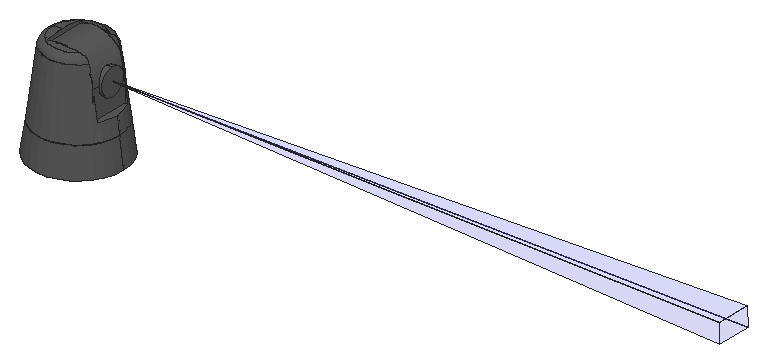
Revit family "Camera-Security-Canon-PTZ_Camera", category Security Devices, host Face, Revit 2012
Parameters (values of type "1.3 MP - PTZ")
  zz YesNo 9 [instance] = 0 = 1  # no
  zz YesNo 8 [instance] = 0 = 1  # no
  zz YesNo 7 [instance] = not(or(zz Integer 4 = 0, and(or(zz Integer 3 = 4, zz Integer 3 = 5), zz Integer 4 = 1)))  # no
  zz YesNo 6 [instance] = and(not(zz YesNo 15), or(zz Integer 1 = 10, zz Integer 1 = 7))  # no
  zz YesNo 5 [instance] = not(zz YesNo 15)  # yes
  zz YesNo 4 [instance] = if(Has Wall Mount, 1, 0) + if(zz YesNo 1, 1, 0) + if(zz YesNo 8, 1, 0) + if(zz YesNo 29, 1, 0) + if(zz YesNo 9, 1, 0) + if(Has Pole Mount Steel, 1, 0) + if(Has Pole Mount Stainless Steel, 1, 0) + if(Has Ceiling Pendant Mount, 1, 0) + if(zz YesNo 19, 1, 0) + if(Has Wall Corner Mount, 1, 0) + if(Has Ceiling Mount, 1, 0) + if(Has Ceiling Mount Bracket, 1, 0) + if(Has Wall Mount Bracket, 1, 0) + if(Has Wall Mount Bracket with Corner Mount, 1, 0) + if(Has Wall Mount Bracket with Pole Mount Steel, 1, 0) + if(Has Wall Mount Bracket with Pole Mount Stainless Steel, 1, 0) > 1  # no
  zz YesNo 30 [instance] = 1 = 1  # yes
  zz YesNo 3 [instance] = and(not(zz YesNo 15), zz Integer 1 = 8)  # no
  zz YesNo 29 [instance] = 0 = 1  # no
  zz YesNo 28 [instance] = if(Has Surface Tough Dome Lite, 1, 0) + if(Has Surface Tough Dome, 1, 0) + if(Has 5 Inch Recessed Enclosure, 1, 0) + if(Has 7 Inch Recessed Enclosure, 1, 0) + if(Has Recessed Dome Housing, 1, 0) + if(Has 7 Inch Enclosure, 1, 0) + if(Has 5 Inch Enclosure, 1, 0) > 1  # no
  zz YesNo 27 [instance] = or(and(or(zz Integer 3 = 4, zz Integer 3 = 5, zz Integer 3 = 3, zz Integer 3 = 6, zz Integer 3 = 7, zz Integer 3 = 0), Has Heater and Blower), and(or(zz Integer 3 = 2, zz Integer 3 = 1, zz Integer 3 = 3, zz Integer 3 = 6, zz Integer 3 = 7, zz Integer 3 = 0), Has Additional Heater), and(or(zz Integer 3 = 1, zz Integer 3 = 2), zz Integer 6 = 12, Has Heater and Blower))  # no
  zz YesNo 26 [instance] = and(not(zz YesNo 15), or(zz Integer 1 = 6, zz Integer 1 = 16, zz Integer 1 = 17))  # no
  zz YesNo 25 [instance] = and(not(zz YesNo 15), zz Integer 1 = 11)  # no
  zz YesNo 24 [instance] = and(not(zz YesNo 15), zz Integer 1 = 4)  # no
  zz YesNo 23 [instance] = and(not(zz YesNo 15), or(zz Integer 1 = 6, zz Integer 1 = 9, zz Integer 1 = 1))  # no
  zz YesNo 22 [instance] = and(not(zz YesNo 15), zz Integer 1 = 2)  # no
  zz YesNo 21 [instance] = and(zz Angle 3 = -90.000°, zz Angle 2 = 90.000°)  # no
  zz YesNo 20 [instance] = not(or(and(or(zz Integer 3 = 1, zz Integer 3 = 2), or(zz Integer 1 = 12, zz Integer 1 = 14)), and(or(zz Integer 1 = 1, zz Integer 1 = 6, zz Integer 1 = 9, zz Integer 1 = 8), or(zz Integer 3 = 4, zz Integer 3 = 5)), and(zz Integer 1 = 14, or(zz Integer 3 = 6, zz Integer 3 = 7, zz Integer 3 = 3, zz Integer 3 = 0)), and(zz Integer 1 = 11, or(zz Integer 3 = 4, zz Integer 3 = 5)), and(or(zz Integer 1 = 7, zz Integer 1 = 10), zz Integer 3 = 0), and(or(zz Integer 1 = 15, zz Integer 1 = 16, zz Integer 1 = 17), or(zz Integer 3 = 1, zz Integer 3 = 2))))  # no
  zz YesNo 2 [instance] = and(not(zz YesNo 15), or(zz Integer 1 = 5, zz Integer 1 = 7, zz Integer 1 = 8, zz Integer 1 = 11))  # no
  zz YesNo 19 [instance] = 0 = 1  # no
  zz YesNo 18 [instance] = and(not(zz YesNo 15), zz Integer 1 = 5)  # no
  zz YesNo 17 [instance] = and(not(zz YesNo 15), zz Integer 1 = 7)  # no
  zz YesNo 16 [instance] = and(not(zz YesNo 15), or(zz Integer 1 = 12, zz Integer 1 = 15, zz Integer 1 = 16, zz Integer 1 = 17))  # no
  zz YesNo 15 [instance] = or(and(zz Integer 3 = 0, zz Integer 2 = 2), zz YesNo 27, zz YesNo 4, zz YesNo 28, zz YesNo 20, zz YesNo 7)  # no
  zz YesNo 14 [instance] = 0 = 1  # no
  zz YesNo 13 [instance] = and(not(zz YesNo 15), zz Integer 1 = 13)  # no
  zz YesNo 12 [instance] = and(not(zz YesNo 15), or(zz Integer 1 = 9, zz Integer 1 = 15))  # no
  zz YesNo 11 [instance] = and(not(zz YesNo 15), Has Field of View)  # yes
  zz YesNo 10 [instance] = and(not(zz YesNo 15), zz Integer 1 = 3)  # no
  zz YesNo 1 [instance] = 0 = 1  # no
  zz Length 99 [instance] = if(zz Integer 1 = 15, 4.600", 4.103")  # 4.103"
  zz Length 98 [instance] = if(zz YesNo 15, 7.000", 1.000")  # 1.000"
  zz Length 97 = 2.485"  # constant formula
  zz Length 96 = 5.215"  # constant formula
  zz Length 95 = 3.970"  # constant formula
  zz Length 94 [instance] = zz Length 74 * (-sin(zz Angle 2))  # 0.000"
  zz Length 93 = 0.125"  # constant formula
  zz Length 92 = 2.600"  # constant formula
  zz Length 91 = 4.720"  # constant formula
  zz Length 90 = zz Length 85 / 2  # 2.360"
  zz Length 9 = 6.690"  # constant formula
  zz Length 89 [instance] = if(zz YesNo 15, 4.000", 1.000")  # 1.000"
  zz Length 88 = 0.697"  # constant formula
  zz Length 87 = 0.500"  # constant formula
  zz Length 86 = zz Length 9 / 2  # 3.345"
  zz Length 85 = 4.720"  # constant formula
  zz Length 84 = 2.244"  # constant formula
  zz Length 83 [instance] = if(zz Integer 1 = 11, 0.000", 84.596")  # 84.596"
  zz Length 82 [instance] = zz Length 61  # 200.000"
  zz Length 81 [instance] = if(zz Integer 1 = 12, 0.000", if(or(zz Integer 1 = 16, zz Integer 1 = 17), 2.570", if(zz Integer 1 = 15, 0.671", 104.000")))  # 104.000"
  zz Length 80 [instance] = 4.331"  # constant formula
  zz Length 8 = 1.770"  # constant formula
  zz Length 79 = 7.080"  # constant formula
  zz Length 78 = 0.250"  # constant formula
  zz Length 77 [instance] = if(and(zz Integer 1 = 7, zz Length 100 > 0.250"), 3.660" + zz Length 100, if(zz Integer 1 = 7, 3.660", if(zz Integer 1 = 10, 0.000", 62.140")))  # 62.140"
  zz Length 76 [instance] = if(or(zz Integer 1 = 9, zz Integer 1 = 15), 4.054", 0.000")  # 0.000"
  zz Length 75 [instance] = zz Length 105 + (1.656" * cos(zz Angle 1 - 90.000°))  # 4.343"
  zz Length 74 [instance] = 1.656" * sin(zz Angle 1 + 90.000°)  # 1.656"
  zz Length 73 [instance] = zz Length 17 - 20.000"  # 0.000"
  zz Length 72 [instance] = 200.000"
  zz Length 71 = -1.750"  # constant formula
  zz Length 70 [instance] = if(zz Integer 1 = 8, 0.000", 76.035")  # 76.035"
  zz Length 7 [instance] = zz Length 64  # 200.000"
  zz Length 69 [instance] = 2.756"  # constant formula
  zz Length 68 [instance] = if(zz Integer 1 = 15, 4.600", 4.103")  # 4.103"
  zz Length 67 = 4.720"  # constant formula
  zz Length 66 = 2.756"  # constant formula
  zz Length 65 = 4.880"  # constant formula
  zz Length 64 [instance] = 200.000"
  zz Length 63 = 13.000"  # constant formula
  zz Length 62 = 5.500"  # constant formula
  zz Length 61 [instance] = 200.000"
  zz Length 60 = 1.811"  # constant formula
  zz Length 6 [instance] = if(zz Integer 1 = 9, 0.747", 0.000")  # 0.000"
  zz Length 59 [instance] = Field of View Range * if(zz YesNo 21, -1, 1)  # 36.000"
  zz Length 58 [instance] = if(zz Integer 1 = 15, -3.000", -4.103")  # -4.103"
  zz Length 57 = 4.970"  # constant formula
  zz Length 56 = 8.205"  # constant formula
  zz Length 55 = 1.970"  # constant formula
  zz Length 54 = -6.500"  # constant formula
  zz Length 53 [instance] = zz Length 111  # 0.000"
  zz Length 52 [instance] = if(zz Integer 1 = 2, 0.000", 7.220")  # 7.220"
  zz Length 51 [instance] = 200.000"
  zz Length 50 = 7.352"  # constant formula
  zz Length 5 = 3.500"  # constant formula
  zz Length 49 [instance] = if(zz Integer 1 = 15, 0.747", 0.000")  # 0.000"
  zz Length 48 = 2.570"  # constant formula
  zz Length 47 [instance] = if(or(zz Integer 1 = 5, zz Integer 1 = 7), 0.000", if(zz Integer 1 = 8, 1.811", if(zz Integer 1 = 11, 2.756", 0.000")))  # 0.000"
  zz Length 46 = 0.470"  # constant formula
  zz Length 45 = 5.306"  # constant formula
  zz Length 44 = 6.743"  # constant formula
  zz Length 43 [instance] = if(zz Integer 1 = 1, 0.000", if(zz Integer 1 = 9, 0.670", if(zz Integer 1 = 6, 2.570", 37.640")))  # 37.640"
  zz Length 42 = 1.750"  # constant formula
  zz Length 41 = 2.000"  # constant formula
  zz Length 40 = -6.146"  # constant formula
  zz Length 4 = 3.660"  # constant formula
  zz Length 39 = 7.093"  # constant formula
  zz Length 38 [instance] = zz Length 72  # 200.000"
  zz Length 37 = 2.000"  # constant formula
  zz Length 36 = 6.830"  # constant formula
  zz Length 35 [instance] = if(zz Integer 1 = 1, 39.488", if(zz Integer 1 = 2, 31.970", if(zz Integer 1 = 3, 30.697", if(zz Integer 1 = 4, 30.047", if(and(zz Length 100 > 0.250", zz Integer 1 = 5), 34.290" + zz Length 100, if(zz Integer 1 = 5, 34.290", if(zz Integer 1 = 6, 42.058", if(and(zz Length 100 > 0.250", zz Integer 1 = 7), 33.660" + zz Length 100, if(zz Integer 1 = 7, 33.660", if(and(zz Integer 1 = 8, zz Length 100 > 0.250"), 31.811" + zz Length 100, if(zz Integer 1 = 8, 31.811", if(zz Integer 1 = 9, 37.379", if(zz Integer 1 = 10, 30.000", if(and(zz Integer 1 = 11, zz Length 100 > 0.250"), 32.756" + zz Length 100, if(zz Integer 1 = 11, 32.756", if(zz Integer 1 = 12, 38.600", if(zz Integer 1 = 13, 33.937", if(zz Integer 1 = 15, 36.752", if(or(zz Integer 1 = 16, zz Integer 1 = 17), 41.170", 30.000")))))))))))))))))))  # 30.000"
  zz Length 34 = 1.750"  # constant formula
  zz Length 33 [instance] = zz Length 3  # 200.000"
  zz Length 32 [instance] = zz Length 27  # 200.000"
  zz Length 31 = 1.500"  # constant formula
  zz Length 30 = 0.250"  # constant formula
  zz Length 3 [instance] = 200.000"
  zz Length 29 = zz Length 23 / 2  # 2.360"
  zz Length 28 [instance] = if(or(zz Integer 1 = 6, zz Integer 1 = 16, zz Integer 1 = 17), 2.445", 69.910")  # 69.910"
  zz Length 27 [instance] = 200.000"
  zz Length 26 = 2.244"  # constant formula
  zz Length 25 = 4.290"  # constant formula
  zz Length 24 [instance] = 2.362"  # constant formula
  zz Length 23 = 4.720"  # constant formula
  zz Length 22 = 0.750"  # constant formula
  zz Length 21 [instance] = if(zz YesNo 15, zz Length 35 - 30.000", zz Length 35 - 30.000" - if(zz Integer 3 = 6, 3.343", if(zz Integer 3 = 7, 3.218", 0.000")))  # 0.000"
  zz Length 20 [instance] = if(zz Integer 1 = 15, 3.000", 4.103")  # 4.103"
  zz Length 2 [instance] = if(and(zz Integer 1 = 5, zz Length 100 > 0.250"), zz Length 100, if(zz Integer 1 = 5, 0.000", 15.690"))  # 15.690"
  zz Length 19 [instance] = if(or(zz Integer 1 = 16, zz Integer 1 = 17), 4.600", 3.500")  # 3.500"
  zz Length 18 = 7.884"  # constant formula
  zz Length 17 [instance] = if(zz Integer 1 = 1, 18.189", if(zz Integer 1 = 2, 20.000", if(zz Integer 1 = 3, 20.000", if(zz Integer 1 = 4, 20.000", if(zz Integer 1 = 5, 20.000", if(zz Integer 1 = 6, 18.189", if(zz Integer 1 = 7, 20.000", if(zz Integer 1 = 8, 20.000", if(zz Integer 1 = 9, 18.189", if(zz Integer 1 = 10, 20.000", if(zz Integer 1 = 11, 20.000", if(zz Integer 1 = 12, 18.250", if(zz Integer 1 = 13, 17.914", 20.000")))))))))))))  # 20.000"
  zz Length 16 = 0.125"  # constant formula
  zz Length 15 [instance] = zz Length 51  # 200.000"
  zz Length 14 = 6.000"  # constant formula
  zz Length 13 = 8.874"  # constant formula
  zz Length 12 = 3.937"  # constant formula
  zz Length 118 = 4.720"  # constant formula
  zz Length 117 = 7.200"  # constant formula
  zz Length 116 [instance] = if(or(zz Integer 1 = 9, zz Integer 1 = 15), 0.000", 99.352")  # 99.352"
  zz Length 115 [instance] = zz Length 74 * (-cos(zz Angle 2))  # -1.656"
  zz Length 114 = 1.750"  # constant formula
  zz Length 113 = 0.500"  # constant formula
  zz Length 112 = 7.080"  # constant formula
  zz Length 111 [instance] = if(zz Integer 1 = 1, 0.000", if(zz Integer 1 = 2, 0.000", if(zz Integer 1 = 3, 0.000", if(zz Integer 1 = 4, 0.000", if(zz Integer 1 = 5, 0.000", if(zz Integer 1 = 6, 0.000", if(zz Integer 1 = 7, 0.000", if(zz Integer 1 = 8, 0.000", if(zz Integer 1 = 9, 7.455", if(zz Integer 1 = 10, 0.000", if(zz Integer 1 = 11, 0.000", if(zz Integer 1 = 12, 0.000", if(zz Integer 1 = 13, 0.000", if(zz Integer 1 = 15, 6.828", 0.000"))))))))))))))  # 0.000"
  zz Length 110 = 9.724"  # constant formula
  zz Length 11 [instance] = if(zz Integer 1 = 3, 0.000", 54.640")  # 54.640"
  zz Length 109 = 10.253"  # constant formula
  zz Length 108 [instance] = if(zz YesNo 29, 0.000", 2.000")  # 2.000"
  zz Length 107 [instance] = if(or(zz Integer 1 = 16, zz Integer 1 = 17), 3.000", 3.500")  # 3.500"
  zz Length 106 = 10.404"  # constant formula
  zz Length 105 [instance] = if(Has Surface Tough Dome, 5.543", if(Has Surface Tough Dome Lite, 5.943", if(Has 5 Inch Recessed Enclosure, 0.543", if(Has 7 Inch Enclosure, 11.343", if(Has 5 Inch Enclosure, 8.543", 4.343")))))  # 4.343"
  zz Length 104 = 0.248"  # constant formula
  zz Length 103 = 0.235"  # constant formula
  zz Length 102 [instance] = if(zz YesNo 15, 7.000", 1.000")  # 1.000"
  zz Length 101 [instance] = if(zz YesNo 13, 4.054", 151.000")  # 151.000"
  zz Length 100 [instance] = if(Pipe Length Desired < 0.250", 0.250", if(Pipe Length Desired > 240.000", 240.000", Pipe Length Desired))  # 0.250"
  zz Length 10 = 3.600"  # constant formula
  zz Length 1 [instance] = if(and(zz Integer 1 = 7, zz Length 100 > 0.250"), zz Length 100, if(zz Integer 1 = 7, 0.000", 26.980"))  # 26.980"
  zz Integer 6 [instance] = if(Dome Enclosure is 12 V, 12, 24)  # 24
  zz Integer 5 = 1
  zz Integer 4 [instance] = if(Has Sunshield, 1, 0)  # 0
  zz Integer 3 [instance] = if(Has Surface Tough Dome Lite, 1, if(Has Surface Tough Dome, 2, if(Has 5 Inch Recessed Enclosure, 3, if(Has 7 Inch Enclosure, 4, if(Has 5 Inch Enclosure, 5, if(Has 7 Inch Recessed Enclosure, 6, if(Has Recessed Dome Housing, 7, 0)))))))  # 0
  zz Integer 2 [instance] = if(Has Clear Dome, 1, 2)  # 1
  zz Integer 1 [instance] = if(Has Wall Mount, 1, if(zz YesNo 1, 2, if(zz YesNo 8, 3, if(zz YesNo 29, 4, if(zz YesNo 9, 5, if(or(Has Pole Mount Steel, Has Pole Mount Stainless Steel), 6, if(Has Ceiling Pendant Mount, 7, if(zz YesNo 19, 8, if(Has Wall Corner Mount, 9, if(Has Ceiling Mount, 10, if(Has Ceiling Mount Bracket, 11, if(Has Wall Mount Bracket, 12, if(zz YesNo 14, 13, if(Has Wall Mount Bracket with Corner Mount, 15, if(Has Wall Mount Bracket with Pole Mount Steel, 16, if(Has Wall Mount Bracket with Pole Mount Stainless Steel, 17, 14))))))))))))))))  # 14
  zz Angle 9 [instance] = if(zz Integer 1 = 15, 45.000°, 90.000°)  # 90.000°
  zz Angle 8 [instance] = if(zz Integer 1 = 9, 45.000°, 90.000°)  # 90.000°
  zz Angle 7 [instance] = if(zz Integer 1 = 1, 0.000°, if(zz Integer 1 = 2, 90.000°, if(zz Integer 1 = 3, 90.000°, if(zz Integer 1 = 4, 90.000°, if(zz Integer 1 = 5, 90.000°, if(zz Integer 1 = 6, 0.000°, if(zz Integer 1 = 7, 90.000°, if(zz Integer 1 = 8, 90.000°, if(zz Integer 1 = 9, 0.000°, if(zz Integer 1 = 10, 90.000°, if(zz Integer 1 = 11, 90.000°, if(zz Integer 1 = 12, 0.000°, if(zz Integer 1 = 13, 0.000°, if(zz Integer 1 = 15, 0.000°, if(or(zz Integer 1 = 16, zz Integer 1 = 17), 0.000°, 90.000°)))))))))))))))  # 90.000°
  zz Angle 6 [instance] = if(or(zz Integer 1 = 9, zz Integer 1 = 15), 45.000°, 90.000°)  # 90.000°
  zz Angle 5 = 0.000°
  zz Angle 4 [instance] = zz Angle 2 + if(zz YesNo 21, 180.000°, 0.000°)  # 0.000°
  zz Angle 3 [instance] = if(zz Angle 7 = 90.000°, 0.000°, -90.000°)  # 0.000°
  zz Angle 2 [instance] = if(Rotation Desired < 0.000°, 0.000°, if(Rotation Desired > 360.000°, 360.000°, Rotation Desired))  # 0.000°
  zz Angle 1 [instance] = if(Tilt Desired < 0.000°, 0.000°, if(Tilt Desired > 90.000°, 90.000°, Tilt Desired))  # 0.000°
  Mount Selection [instance] = if(zz YesNo 4, "ERROR: Select One Mount Option", if(zz Integer 1 = 1, "Wall Mount", if(zz Integer 1 = 2, "Surface Mount", if(zz Integer 1 = 3, "Recess Mount", if(zz Integer 1 = 4, "Junction Mount", if(zz Integer 1 = 5, " Pendant Mount S series", if(zz Integer 1 = 6, "Pole Mount", if(zz Integer 1 = 7, "Pendant Mount", if(zz Integer 1 = 8, "Coupling Mount", if(zz Integer 1 = 9, "Corner Mount", if(zz Integer 1 = 10, "Ceiling Mount", if(zz Integer 1 = 11, "Narrow Ceiling Bracket Mount", if(zz Integer 1 = 12, "Wall Mount Bracket", if(zz Integer 1 = 13, "Bracket Mount", if(zz Integer 1 = 15, "Bracket Mount on Corner Mount", if(zz Integer 1 = 16, "Wall Mount Bracket on Pole Mount Steel", if(zz Integer 1 = 17, "Wall Mount Bracket on Pole Mount Stainless Steel", "No Mount")))))))))))))))))  # "No Mount"
  Width [instance] = 5.200"  # constant formula
  Weight [instance] = 2.514 lbf  # constant formula
  Unit is Wall Mounted [instance] = no
  URL = "http://www.usa.canon.com/cusa/home"
  Tilt Desired [instance] = 0.000°
  Shutter Speed = "1, 1/2, 1/4, 1/8, 1/15, 1/30, 1/60, 1/100, 1/120, 1/250, 1/500, 1/1000, 1/2000, 1/4000, 1/8000, 1/10000, 1/16000 sec."  # constant formula
  Scanning System = "Progressive"  # constant formula
  Rotation Desired [instance] = 0.000°
  Resolution = if(zz Integer 5 = 1, "JPEG, H.264: 1280 x 720, 640 x 360, 320 x 180, 1280 x 960, 640 x 480, 320 x 240", "JPEG, H.264: 1920 x 1080, 960 x 540, 480 x 270, 1280x720, 640x360, 320x180, 1280x960, 640x480, 320x240")  # "JPEG, H.264: 1280 x 720, 640 x 360, 320 x 180, 1280 x 960, 640 x 480, 320 x 240"
  Product Page URL = "http://www.usa.canon.com/cusa/professional/products/network_video_solutions/ptz_network_cameras/vb_m42"
  Product Documentation Link = "http://www.usa.canon.com/cusa/professional/products/network_video_solutions/ptz_network_cameras/vb_m42#Specifications"
  Part Number [instance] = if(zz YesNo 15, "ERROR", if(zz Integer 5 = 1, "VB-M42", "VB-H43"))  # "VB-M42"
  Part Description [instance] = if(zz YesNo 15, "ERROR", if(zz Integer 5 = 1, if(Has Heater and Blower, "1.3 Megapixel PTZ Network Camera with Heater and Blower", "1.3 Megapixel PTZ Network Camera"), if(Has Heater and Blower, "2.1 Megapixel PTZ Network Camera with Heater and Blower", "2.1 Megapixel PTZ Network Camera")))  # "1.3 Megapixel PTZ Network Camera"
  Pan Desired [instance] = 0.000°
  Operating Conditions [instance] = if(Has Heater and Blower, "Temperature:  -30°C - +50°C (-22°F - +122°F)", "Temperature:  -10°C - +50°C (+14°F - +122°F)")  # "Temperature:  -10°C - +50°C (+14°F - +122°F)"
  Mount Part Number [instance] = if(zz YesNo 15, "ERROR", if(zz Integer 1 = 2, "SS30-VB", if(zz Integer 1 = 3, if(zz Integer 4 = 1, "DR41-S-VB", "DR41-C-VB"), if(zz Integer 1 = 4, "PS30-VB", if(zz Integer 1 = 5, "PC30-VB", if(and(zz Integer 1 = 6, Has Pole Mount Steel), "A-BK3", if(and(zz Integer 1 = 6, Has Pole Mount Stainless Steel), "A-BK3S", if(zz Integer 1 = 7, "PC600-VB with SS40-B-VB", if(zz Integer 1 = 8, "A-CP100NPT", if(zz Integer 1 = 9, "A-CM3", if(zz Integer 1 = 10, "SS40-B-VB", if(and(zz Integer 1 = 11, Pipe Length Desired = 0.000"), "A-CM100", if(zz Integer 1 = 11, "A-CM100NPT and A-CP100NPT", if(zz Integer 1 = 12, "A-SWD5ZWB", if(zz Integer 1 = 15, "A-SWD5ZWB on A-CM3", if(zz Integer 1 = 16, "A-SWD5ZWB on A-BK3", if(zz Integer 1 = 17, "A-SWD5ZWB on A-BK3S", "No Mount")))))))))))))))))  # "No Mount"
  Model Disclaimer = "This 3D model is a simulation of a highly customizable piece of Canon equipment. For assistance in selecting the right Canon equipment for your project, please contact Canon U.S.A., Inc."  # constant formula
  Model = "See Part Number"  # constant formula
  Minimum Illumination = 0.45 lx  # constant formula
  Megapixels = if(zz Integer 5 = 1, "1.3", "2.1")  # "1.3"
  Maximum Framerate = "JPEG: 30 - 0.1 fps; H.264: 30/15/10 fps"  # constant formula
  Manufacturer = "Canon U.S.A., Inc."  # constant formula
  Lens Type = "PTZ"  # constant formula
  Image Sensor = "1/3 Type CMOS (Primary Color Filter)"  # constant formula
  IPv4 Protocol = "TCP/IP, UDP, HTTP, FTP, SNMP (MIB2), SMTP (Client), DHCP (Client), DNS (Client), ARP, ICMP, POP3, NTP, SMTP Authentication, RTSP, WV-HTTP (Canon Proprietary), ONVIF"  # constant formula
  Height [instance] = 6.100"  # constant formula
  Has Pole Mount Stainless Steel [instance] = no
  Has No Mount [instance] = zz Integer 1 = 14  # yes
  Has Wall Mount Bracket with Corner Mount [instance] = no
  Has Wall Mount Bracket with Pole Mount Steel [instance] = no
  Has Wall Mount Bracket with Pole Mount Stainless Steel [instance] = no
  Has Additional Heater [instance] = no
  Family Version = "1.0"  # constant formula
  Equipment Number [instance] = ""
  Equipment Abbreviation = "SC"
  Enclosure Part Number [instance] = if(zz YesNo 15, "ERROR", if(and(zz Integer 4 = 1, Has Additional Heater), if(zz Integer 6 = 12, if(zz Integer 3 = 4, if(zz Integer 2 = 2, "A-ODW7T12S(OW) with A-H24", "A-ODW7C12S(OW) with A-H24"), if(zz Integer 3 = 5, if(zz Integer 2 = 2, "A-ODW5T12S(OW) with A-H24", "A-ODW5C12S(OW) with A-H24"), "No Enclosure")), if(zz Integer 6 = 24, if(zz Integer 3 = 4, if(zz Integer 2 = 2, "A-ODW7TS(OW) with A-H24", "A-ODW7CS(OW) with A-H24"), if(zz Integer 3 = 5, if(zz Integer 2 = 2, "A-ODW5TS(OW) with A-H24", "A-ODW5CS(OW) with A-H24"), "No Enclosure")), "No Enclosure")), if(zz Integer 4 = 1, if(zz Integer 6 = 12, if(zz Integer 3 = 4, if(zz Integer 2 = 2, "A-ODW7T12S(OW)", "A-ODW7C12S(OW)"), if(zz Integer 3 = 5, if(zz Integer 2 = 2, "A-ODW5T12S(OW)", "A-ODW5C12S(OW)"), "No Enclosure")), if(zz Integer 6 = 24, if(zz Integer 3 = 4, if(zz Integer 2 = 2, "A-ODW7TS(OW)", "A-ODW7CS(OW)"), if(zz Integer 3 = 5, if(zz Integer 2 = 2, "A-ODW5TS(OW)", "A-ODW5CS(OW)"), "No Enclosure")), "No Enclosure")), if(Has Heater and Blower, if(zz Integer 3 = 1, if(zz Integer 2 = 2, "A-SWD5ZT with A-SWD5ZBH2", "A-SWD5ZC with A-SWD5ZBH2"), if(zz Integer 3 = 2, if(zz Integer 2 = 2, "A-SWD5VT with A-SWD5ZBH2", "A-SWD5VC with A-SWD5ZBH2"), if(zz Integer 3 = 3, if(zz Integer 2 = 2, "A-ID5T5 with HU-600VB", "A-ID5C5 with Heater"), if(zz Integer 3 = 6, if(zz Integer 2 = 2, "A-ID7TF with Heater", "A-ID7CF with Heater"), if(zz Integer 3 = 7, if(zz Integer 2 = 2, "DR41-S-VB with Heater", "DR41-C-VB with Heater"), "No Enclosure"))))), if(Has Additional Heater, if(zz Integer 6 = 12, if(zz Integer 3 = 4, if(zz Integer 2 = 2, "A-ODW7T12(OW) with A-H24", "A-ODW7C12(OW) with A-H24"), if(zz Integer 3 = 5, if(zz Integer 2 = 2, "A-ODW5T12(OW) with A-H24", "A-ODW5C12(OW) with A-H24"), "No Enclosure")), if(zz Integer 6 = 24, if(zz Integer 3 = 4, if(zz Integer 2 = 2, "A-ODW7T(OW) with A-H24", "A-ODW7C(OW) with A-H24"), if(zz Integer 3 = 5, if(zz Integer 2 = 2, "A-ODW5T(OW) with A-H24", "A-ODW5C(OW) with A-H24"), "No Enclosure")), "No Enclosure")), if(or(zz Integer 3 = 4, zz Integer 3 = 5), if(zz Integer 6 = 12, if(zz Integer 3 = 4, if(zz Integer 2 = 2, "A-ODW7T12(OW)", "A-ODW7C12(OW)"), if(zz Integer 3 = 5, if(zz Integer 2 = 2, "A-ODW5T12(OW)", "A-ODW5C12(OW)"), "No Enclosure")), if(zz Integer 6 = 24, if(zz Integer 3 = 4, if(zz Integer 2 = 2, "A-ODW7T(OW)", "A-ODW7C(OW)"), if(zz Integer 3 = 5, if(zz Integer 2 = 2, "A-ODW5T(OW)", "A-ODW5C(OW)"), "No Enclosure")), "No Enclosure")), if(zz Integer 3 = 1, if(zz Integer 2 = 2, "A-SWD5ZT", "A-SWD5ZC"), if(zz Integer 3 = 2, if(zz Integer 2 = 2, "A-SWD5VT", "A-SWD5VC"), if(zz Integer 3 = 3, if(zz Integer 2 = 2, "A-ID5T5", "A-ID5C5"), if(zz Integer 3 = 6, if(zz Integer 2 = 2, "A-ID7TF", "A-ID7CF"), if(zz Integer 3 = 7, if(zz Integer 2 = 2, "DR41-S-VB", "DR41-C-VB"), "No Enclosure")))))))))))  # "No Enclosure"
  Effective Pixels = if(zz Integer 5 = 1, "1.3 Million Pixels", "2.1 Million Pixels")  # "1.3 Million Pixels"
  Dome Enclosure is 24 V [instance] = yes
  Dome Enclosure is 12 V [instance] = not(Dome Enclosure is 24 V)  # no
  Description = "See Part Description"  # constant formula
  Day and Night = "Auto/Manual"  # constant formula
  Date Modified = "September 15, 2014"  # constant formula
  Date Created = "September 15, 2014"  # constant formula
  Copyright = "Copyright ©2014 Canon U.S.A., Inc."  # constant formula
  Audio In = "Φ3.5mm (Φ0.14 in.) Mini-Jack Connector (Monaural), Switch Line IN/MIC IN in the Setting Page. LINE IN x 1 (Connect to an Amplifier Microphone) or MIC IN x 1 (Connect to a Microphone w/o Amplifier)"  # constant formula
  Aperture = "1.6 ~ 3.5"  # constant formula
  Angular Field of View = "Horizontal: 60.4 (W) ~ 3.2 (T) ; Vertical: 35.1 (W) ~ 1.8 (T)"  # constant formula
  Alarm Triggers = "External Device Input, Intelligent Function (Video), Intelligent Function (Volume), Timer"  # constant formula
  Field of View Range [instance] = 36.000"
  Has Wall Mount Bracket [instance] = no
  Has Wall Mount [instance] = no
  Has Field of View [instance] = yes
  Has 4 x 3 Narrow Field of View [instance] = not(Has 16 x 9 Wide Field of View)  # yes
  Has 16 x 9 Wide Field of View [instance] = no
  Default Elevation = 48.000"
  Field of View Vertical [instance] = if(Has 16 x 9 Wide Field of View, 35.100°, 1.800°)  # 1.800°
  Field of View Horizontal [instance] = if(Has 16 x 9 Wide Field of View, 60.400°, 3.200°)  # 3.200°
  Has Pole Mount Steel [instance] = no
  Has Ceiling Pendant Mount [instance] = no
  Has Wall Corner Mount [instance] = no
  Has Ceiling Mount [instance] = no
  Has Ceiling Mount Bracket [instance] = no
  Has Surface Tough Dome Lite [instance] = no
  Has Surface Tough Dome [instance] = no
  Has Recessed Dome Housing [instance] = no
  Has 7 Inch Recessed Enclosure [instance] = no
  Has 5 Inch Recessed Enclosure [instance] = no
  Has 7 Inch Enclosure [instance] = no
  Has 5 Inch Enclosure [instance] = no
  Enclosure Selection [instance] = if(and(zz Integer 3 = 0, zz Integer 2 = 2), "ERROR: Smoked Dome Needs Enclosure", if(zz YesNo 28, "ERROR: Select Only One Enclosure Option", if(zz YesNo 20, "ERROR: Current Enclosure not Compatible with Mount Selection", if(zz YesNo 7, "ERROR: Sunshield not Available with Current Enclosure Selection", if(and(zz YesNo 27, Dome Enclosure is 12 V), "ERROR: Heater not Compatible with Current Voltage", if(zz YesNo 27, "ERROR: Heater not Compatible with Current Enclosure", if(zz Integer 3 = 2, "Surface Tough Dome", if(zz Integer 3 = 1, "Surface Enclosure", if(zz Integer 3 = 3, "5 Inch Recessed Enclosure", if(zz Integer 3 = 4, "7 Inch Enclosure", if(zz Integer 3 = 5, "5 Inch Enclosure", if(zz Integer 3 = 6, "7 Inch Recessed Enclosure", if(zz Integer 3 = 7, "Recessed Dome Housing", "No Enclosure")))))))))))))  # "No Enclosure"
  Has Clear Dome [instance] = yes
  Has Smoked Dome [instance] = not(Has Clear Dome)  # no
  Has Sunshield [instance] = no
  Has Heater and Blower [instance] = no
  Pipe Length Desired [instance] = 0.000"
  Pipe Length Actual [instance] = if(Pipe Length Desired < 0.000", 0.000", if(Pipe Length Desired > 240.000", 240.000", Pipe Length Desired))  # 0.000"
Reference planes (in)
  plane 1 "Center (Front/Back)": y = 0
  plane 2 "Center (Elevation)": z = 0
  plane 3 "Center (Left/Right)": x = 0
  plane 4: x = -2.36
  plane 5: x = 2.36
  plane 6: y = 2.36
  plane 7: y = -2.36
  plane 8: x = -3.345
  plane 9: x = 3.345
  plane 10: y = 2.75
  plane 11: y = -2.75
  plane 12 "Junction Box": z = 2
  plane 13: z = 2.47
  plane 14: x = -2.36
  plane 15: x = 2.36
  plane 16: y = 2.36
  plane 17: y = -2.36
  plane 18: y = 2.485
  plane 19: y = -2.485
  plane 20: z = 7.22
  plane 21: z = 9.19
  plane 22: z = 7.47
  plane 23: z = 15.69
  plane 24: z = 19.98
  plane 25: x = -2.36
  plane 26: x = 2.36
  plane 27: z = 18.23
  plane 28: x = 1
  plane 29: x = -1
  plane 30: z = 12.096
  plane 31 "Wall Mount Center": x = 0
  plane 32: z = 26.98
  plane 33: z = 30.64
  plane 34: x = -3.54
  plane 35: x = 3.54
  plane 36: z = 28.89
  plane 37: x = -1
  plane 38: x = 1
  plane 39: x = 5.306
  plane 40: z = 23.897
  plane 41: z = 37.64
  plane 42: x = -4.862
  plane 43: z = 54.64
  plane 44: x = 4.862
  plane 45: z = 55.337
  plane 46: x = 2.44
  plane 47: x = -2.44
  plane 48: z = 54.875
  plane 49: z = 62.14
  plane 50: x = 3.54
  plane 51: x = -3.54
  plane 52: x = 2.6075
  plane 53: x = -2.6075
  plane 54: z = 63.91
  plane 55: z = 69.91
  plane 56: x = 1.985
  plane 57: x = -1.985
  plane 58: z = 70.035
  plane 59: z = 67.465
  plane 60: x = 1.20045
  plane 61: x = 1.32986
  plane 62: x = -1.85559
  plane 63: x = 1.85559
  plane 64: x = -1.32986
  plane 65: x = -1.20045
  plane 66: y = 3.5
  plane 67: y = -3.5
  plane 68: x = 1.122
  plane 69: x = -1.122
  plane 70: z = 76.035
  plane 71: z = 77.846
  plane 72: x = 1.5
  plane 73: z = 4.72
  plane 74: z = 84.596
  plane 75: z = 87.352
  plane 76: x = 1.122
  plane 77: x = -1.122
  plane 78: x = 0.75
  plane 79: z = 84.844
  plane 80: x = 1.9685
  plane 81: x = -1.9685
  plane 82: y = 1.9685
  plane 83: y = -1.9685
  plane 84: x = -1.7185
  plane 85: x = 1.7185
  plane 86: y = -1.7185
  plane 87: y = 1.7185
  plane 88: z = 95.298
  plane 89: y = -4.103
  plane 90: y = 4.103
  plane 91: z = -4.054
  plane 92: z = 1
  plane 93: y = 0.5
  plane 94: y = -0.5
  plane 95: x = -0.5
  plane 96: x = 0.5
  plane 97 "X Axis": x = 0
  plane 98: y = 20
  plane 99 "Y Axis": y = 0
  plane 100 "Z Axis": z = 0
  plane 101: z = -30
  plane 102: z = 104
  plane 103: z = 104.311
  plane 104: z = 107.63
  plane 105: z = 108.725
  plane 106: x = -3.676
  plane 107: x = 3.676
  plane 108: y = -3
  plane 109: y = 3
  plane 110: y = -1.737
  plane 111: z = 112.6
  plane 112: z = 117
  plane 113: z = 116.5
  plane 114: y = -1.75
  plane 115: y = 1.75
  plane 116: x = -1.8
  plane 117: x = 1.8
  plane 118: y = 2.6
  plane 119: y = -4.6
  plane 120: y = 2.1655
  plane 121: y = -2.1655
  plane 122: x = -1.378
  plane 123: x = 1.378
  plane 124: z = 146.946
  plane 125: z = 147.02474
  plane 126: z = 150.88287
  plane 127: y = 2.0865
  plane 128 "Pipe Bottom": z = 0
  plane 129 "Pipe Top": z = 0.25
  plane 130: x = 0
  plane 131: through (-70.71068, -180, -70.71068) normal (-0.7071, 0, 0.7071)
  plane 132: through (70.71068, -180, -70.71068) normal (-0.7071, 0, -0.7071)
  plane 133: through (0, -70.71068, -70.71068) normal (0, -0.7071, 0.7071)
  plane 134: through (0, 70.71068, -70.71068) normal (0, -0.7071, -0.7071)
  plane 135: through (-70.71068, -70.71068, 48) normal (-0.7071, 0.7071, 0)
  plane 136: through (70.71068, -70.71068, 48) normal (-0.7071, -0.7071, 0)
  plane 137 "Wall Mount Bracket Center": x = 0
Forms (in)
  Revolve 1, solid, material "Plastic - Canon - Grey", visible <- "zz YesNo 17"
    sketch origin (0, 0, 0) x (1, 0, 0) y (0, 0, 1)
      loop
        line (3.54, 30.64) -> (0, 30.64) -> (0, 26.98) -> (1.00012, 26.98)
        arc (1.00012, 26.98) -> (2.12345, 28.12983) -> (3.54, 28.88967) r 5.2958
        line (3.54, 28.88967) -> (3.54, 30.64)
      axis (0, 30.64) -> (0, 26.98)
    angle from 0 to 360
  Extrusion 2, solid, material "Plastic - Canon - Grey", visible <- "zz YesNo 23"
    sketch origin (0, 0, 37.64) x (0, 0, 1) y (0, -1, 0)
      loop
        arc (6.40905, -1.92273) -> (5.46228, -1.3004) -> (4.62679, -0.53514) r 7.08662
        arc (4.62679, -0.53514) -> (3.56143, 0.67057) -> (2.55903, 1.92912) r 31.49608
        line (2.55903, 1.92912) -> (0.35434, 1.92912) -> (0.35434, -2.09721)
        arc (0.35434, -2.09721) -> (4.34859, -4.1556) -> (8.75458, -5.03781) r 16.20246
        arc (8.75458, -5.03781) -> (10.29164, -4.37355) -> (10.6734, -2.7432) r 1.86175
        arc (10.6734, -2.7432) -> (8.47683, -2.66765) -> (6.40905, -1.92273) r 7.08662
    from -1.75 <- "zz Length 71" to 1.75 <- "zz Length 34"
  Revolve 3, solid, material "Plastic - Canon - Grey", visible <- "zz YesNo 10"
    sketch origin (0, 0, 0) x (1, 0, 0) y (0, 0, 1)
      loop
        line (2.44, 55.337) -> (0, 55.337) -> (0, 54.64) -> (4.862, 54.64) -> (4.862, 54.875) -> (2.44, 55.337)
      axis (0, 55.337) -> (0, 54.64)
    angle from 0 to 360
  Revolve 4, solid, material "Plastic - Canon - Grey", visible <- "zz YesNo 23"
    sketch origin (0, 0, 37.64) x (0, 0, 1) y (0, -1, 0)
      loop
        line (9.48797, -1.81102) -> (9.48797, -3.56102) -> (10.48797, -3.56102) -> (10.48797, -1.81102) -> (9.48797, -1.81102)
      axis (9.48797, -1.81102) -> (9.48797, -3.56102)
    angle from 0 to 360
  Revolve 5, solid, material "Plastic - Canon - Black", visible <- "zz YesNo 6"
    sketch origin (0, 0, 0) x (1, 0, 0) y (0, 0, 1)
      loop
        line (0, 63.91) -> (0, 62.14) -> (3.54, 62.14) -> (2.6075, 63.91) -> (0, 63.91)
      axis (0, 63.91) -> (0, 62.14)
    angle from 0 to 360
  Extrusion 6, solid, material "Plastic - Canon - Grey", visible <- "zz YesNo 26"
    sketch origin (0, 0, 0) x (1, 0, 0) y (0, 0, 1)
      loop
        line (-1.32986, 67.465) -> (-1.20045, 67.465) -> (-1.85559, 69.91) -> (1.85559, 69.91) -> (1.20045, 67.465) -> (1.32986, 67.465) -> (2.01849, 70.035) -> (-2.01849, 70.035) -> (-1.32986, 67.465)
    from -3.5 to 3.5
  Revolve 7, solid, material "Plastic - Canon - Grey", visible <- "zz YesNo 3"
    sketch origin (0, 0, 0) x (1, 0, 0) y (0, 0, 1)
      loop
        line (1.122, 77.846) -> (1.122, 76.035) -> (1.5, 76.035) -> (1.5, 77.846) -> (1.122, 77.846)
      axis (0, 77.846) -> (0, 76.035)
    angle from 0 to 360
  Revolve 8, solid, material "Plastic - Canon - Grey", visible <- "zz YesNo 25"
    sketch origin (0, 0, 0) x (1, 0, 0) y (0, 0, 1)
      loop
        line (0.75, 87.352) -> (0.75, 84.844) -> (1.122, 84.844) -> (1.122, 87.352) -> (0.75, 87.352)
      axis (0, 87.352) -> (0, 84.844)
    angle from 0 to 360
  Extrusion 9, solid, material "Plastic - Canon - Grey", visible <- "zz YesNo 25"
    sketch origin (0, 0, 0) x (1, 0, 0) y (0, 1, 0)
      loop
        line (-1.9685, 1.9685) -> (-1.9685, -1.9685) -> (1.9685, -1.9685) -> (1.9685, 1.9685) -> (-1.9685, 1.9685)
    from 84.596 to 84.844
  Extrusion 10, solid, material "Plastic - Canon - Grey", visible <- "zz YesNo 12"
    sketch origin (0, 0, 95.298) x (0, 0, 1) y (-1, 0, 0)
      loop
        line (6.735, 1.9095) -> (4.176, 1.9095) -> (0, 6.0855) -> (0, 5.73275) -> (4.07325, 1.6595) -> (6.485, 1.6595) -> (6.485, -1.6595) -> (4.07325, -1.6595) -> (0, -5.73275) -> (0, -6.0855) -> (4.176, -1.9095) -> (6.735, -1.9095) -> (6.735, 1.9095)
    from -4.103 <- "zz Length 58" to 4.103 <- "zz Length 68"
  Extrusion 11, solid, material "Error Box", visible <- "zz YesNo 15"
    sketch origin (0, 0, 0) x (1, 0, 0) y (0, 0, 1)
      loop
        line (-0.5, 0) -> (0.5, 0) -> (0.5, 1) -> (-0.5, 1) -> (-0.5, 0)
    from -0.5 to 0.5
  Sweep 12, solid, material "Plastic - Canon - Grey", not visible, detail levels fine
    path origin (0, 0, 0) x (0, 0, -1) y (0, 1, 0)
      loop
        line (0, 0) -> (1, 0)
    profile origin (0, 0, -0.5) x (1, 0, 0) y (0, 1, 0)
      loop
        circle (0, 0) r 0.25
  Extrusion 13, solid, material "Plastic - Canon - Grey", visible <- "zz YesNo 16"
    sketch origin (0, 0, 104) x (0, 0, 1) y (0, -1, 0)
      loop
        line (4.725, 1.737) -> (3.8583, 1.737) -> (0.311, 2.70422) -> (0.311, -0.97261) -> (4.725, -1.80946) -> (4.725, 1.737)
    from -1.7 to 1.7
  Revolve 14, solid, material "Plastic - Canon - Grey", visible <- "zz YesNo 16"
    sketch origin (0, 0, 104) x (0, 0, 1) y (0, -1, 0)
      loop
        line (13, 1.75) -> (12.5, 1.75) -> (12.5, -1.75) -> (8.6, -1.75) -> (8.6, -2.53827)
        arc (8.6, -2.53827) -> (10.85443, -2.44797) -> (13, -1.75) r 8.24594
        line (13, -1.75) -> (13, 1.75)
      axis (8.6, 1.75) -> (8.6, -2.53827)
    angle from 0 to 360
  Extrusion 15, solid, material "Plastic - Canon - Grey", visible <- "zz YesNo 2"
    sketch origin (0, 0, 0) x (1, 0, 0) y (0, 1, 0)
      loop
        circle (0, 0) r 0.75
    from 0 to 0.25
  Sweep 16, solid, material "Plastic - Canon - Grey", visible <- "zz YesNo 23"
    path origin (0, 0, 37.64) x (0, 0, 1) y (-1, 0, 0)
      loop
        line (0.354, 0) -> (0, 0)
    profile origin (0, 0, 37.817) x (0, -1, 0) y (1, 0, 0)
      loop
        line (3.5, -1.752) -> (3.5, 1.752) -> (-3.5, 1.752) -> (-3.5, -1.752) -> (3.5, -1.752)
  Sweep 17, solid, material "Plastic - Canon - Grey", visible <- "zz YesNo 16"
    path origin (0, 0, 104) x (0, 0, 1) y (-1, 0, 0)
      loop
        line (0.311, 1.7) -> (0.311, -1.7)
    profile origin (0, 0, 104.311) x (0, 0, 1) y (0, -1, 0)
      loop
        line (0, 4.6) -> (-0.311, 4.6) -> (-0.311, -3) -> (0, -3) -> (0, 4.6)
Cuts and joins
  joined: Extrusion 2, Revolve 4
  joined: Extrusion 13, Revolve 14
Lines and regions (in)
  reference lines
    curve 1: line (0, -5.2905, 37.64) -> (0, 5.9605, 37.64)
    curve 2: line (0, 0, 0) -> (0, 14.25, 0)
    curve 3: line (-1.985, 0, 69.91) -> (-1.32986, 0, 67.465)
    curve 4: line (-1.85559, 0, 69.91) -> (-1.20045, 0, 67.465)
    curve 5: line (1.985, 0, 69.91) -> (1.32986, 0, 67.465)
    curve 6: line (1.85559, 0, 69.91) -> (1.20045, 0, 67.465)
    curve 7: line (-5.946, 0, 95.298) -> (5.946, 0, 95.298)
    curve 8: line (0, 0, 95.298) -> (0, 0, 102.033)
    curve 9: line (0, 0, 0) -> (6.5, 0, 0)
    curve 10: line (0, 0, 37.64) -> (0, 0, 44.14)
    curve 11: line (0, 0, 0) -> (0, 0, -17)
    curve 14: line (-106.06602, 200, 106.06602) -> (106.06602, 200, -106.06602)
    curve 15: line (106.06602, -200, 106.06602) -> (-106.06602, -200, -106.06602)
    curve 16: line (-200, -106.06602, 106.06602) -> (-200, 106.06602, -106.06602)
    curve 17: line (200, 106.06602, 106.06602) -> (200, -106.06602, -106.06602)
    curve 18: line (-106.06602, 106.06602, 200) -> (106.06602, -106.06602, 200)
    curve 19: line (-106.06602, -106.06602, -200) -> (106.06602, 106.06602, -200)
    curve 20: line (0, 0, 104) -> (0, 0, 113.75)
  model lines, not visible
    curve 12: line (0, 0.25, 0) -> (0, -0.25, 0)
    curve 13: line (-0.25, 0, 0) -> (0.25, 0, 0)
Dimensions and locks (in)
  equal spacing: plane 4, plane 3 "Center (Left/Right)", plane 5
  "zz Length 85": plane 4 to plane 5
  equal spacing: plane 7, plane 1 "Center (Front/Back)", plane 6
  "zz Length 91": plane 6 to plane 7
  equal spacing: plane 11, plane 1 "Center (Front/Back)", plane 10
  equal spacing: plane 8, plane 3 "Center (Left/Right)", plane 9
  "zz Length 9": plane 8 to plane 9
  "zz Length 62": plane 10 to plane 11
  "zz Length 108": plane 12 "Junction Box" to level
  "zz Length 46": plane 13 to plane 12 "Junction Box"
  equal spacing: plane 14, plane 3 "Center (Left/Right)", plane 15
  "zz Length 23": plane 14 to plane 15
  equal spacing: plane 17, plane 1 "Center (Front/Back)", plane 16
  "zz Length 67": plane 16 to plane 17
  equal spacing: plane 19, plane 1 "Center (Front/Back)", plane 18
  "zz Length 57": plane 18 to plane 19
  "zz Length 52": plane 20 to level
  "zz Length 55": plane 21 to plane 20
  "zz Length 30": plane 22 to plane 20
  "zz Length 2": plane 23 to level
  "zz Length 25": plane 24 to plane 23
  equal spacing: plane 25, plane 3 "Center (Left/Right)", plane 26
  "zz Length 118": plane 25 to plane 26
  "zz Length 114": plane 24 to plane 27
  equal spacing: plane 28, plane 3 "Center (Left/Right)", plane 29
  "zz Length 37": plane 28 to plane 29
  "zz Length 18": plane 24 to plane 30
  "zz Length 1": plane 32 to level
  "zz Length 4": plane 33 to plane 32
  equal spacing: plane 34, plane 3 "Center (Left/Right)", plane 35
  "zz Length 79": plane 34 to plane 35
  "zz Length 42": plane 33 to plane 36
  equal spacing: plane 37, plane 3 "Center (Left/Right)", plane 38
  "zz Length 41": plane 37 to plane 38
  "zz Length 44": plane 33 to plane 40
  "zz Length 45": plane 39 to plane 3 "Center (Left/Right)"
  "zz Length 43": plane 41 to level
  Extrusion 2 sketch curve to Extrusion 2 sketch curve to Extrusion 2 sketch curve to Extrusion 2 sketch curve = 7.47059" locked, 6.84559" locked, 9.77893" locked
  locked: Extrusion 2 sketch curve to curve 10 at 1.92912
  Extrusion 2 sketch curve to Extrusion 2 sketch curve to Extrusion 2 sketch curve to Extrusion 2 sketch curve to curve 10 = 17.87307" locked, 0.11382" locked, 0.8385" locked, 8.86344" locked
  "zz Length 6": plane 31 "Wall Mount Center" to plane 3 "Center (Left/Right)"
  equal spacing: plane 44, plane 3 "Center (Left/Right)", plane 42
  "zz Length 110": plane 44 to plane 42
  "zz Length 11": plane 43 to level
  "zz Length 88": plane 45 to plane 43
  equal spacing: plane 46, plane 3 "Center (Left/Right)", plane 47
  "zz Length 65": plane 46 to plane 47
  "zz Length 103": plane 48 to plane 43
  Revolve 4 sketch curve to Revolve 4 sketch curve to curve 10 to curve 1 = 1.000" locked, 2.98797" locked, 6.500"
  curve 10 to Revolve 4 sketch curve to Revolve 4 sketch curve = 1.81102" locked, 1.750" locked
  "zz Length 77": plane 49 to level
  equal spacing: plane 50, plane 3 "Center (Left/Right)", plane 51
  equal spacing: plane 52, plane 3 "Center (Left/Right)", plane 53
  "zz Length 112": plane 50 to plane 51
  "zz Length 96": plane 52 to plane 53
  "zz Length 8": plane 54 to plane 49
  "zz Length 28": plane 55 to level
  equal spacing: plane 56, plane 3 "Center (Left/Right)", plane 57
  "zz Length 95": plane 56 to plane 57
  "zz Length 16": plane 58 to plane 55
  "zz Length 48": plane 58 to plane 59
  locked: plane 62 to plane 57 at 0.12941
  plane 56 to plane 63 to plane 61 to plane 60 = 0.12941" locked, 0.52573" locked, 0.12941" locked
  plane 65 to plane 64 to plane 62 = 0.12941" locked, 0.52573" locked
  "zz Length 70": plane 70 to level
  equal spacing: plane 68, plane 3 "Center (Left/Right)", plane 69
  "zz Length 26": plane 68 to plane 69
  "zz Length 60": plane 71 to plane 70
  "zz Length 31": plane 72 to plane 3 "Center (Left/Right)"
  "zz Length 91": plane 73 to level
  "zz Length 83": plane 74 to level
  "zz Length 66": plane 75 to plane 74
  equal spacing: plane 76, plane 3 "Center (Left/Right)", plane 77
  "zz Length 84": plane 76 to plane 77
  "zz Length 22": plane 78 to plane 3 "Center (Left/Right)"
  "zz Length 104": plane 79 to plane 74
  equal spacing: plane 80, plane 3 "Center (Left/Right)", plane 81
  "zz Length 12": plane 80 to plane 81
  "zz Length 12": plane 82 to plane 83
  equal spacing: plane 83, plane 1 "Center (Front/Back)", plane 82
  "zz Length 78": plane 86 to plane 83
  "zz Length 78": plane 82 to plane 87
  "zz Length 78": plane 81 to plane 84
  "zz Length 78": plane 85 to plane 80
  "zz Length 116": plane 88 to plane 91
  Extrusion 10 sketch curve to Extrusion 10 sketch curve to Extrusion 10 sketch curve to Extrusion 10 sketch curve to Extrusion 10 sketch curve to Extrusion 10 sketch curve to curve 8 to Extrusion 10 sketch curve to Extrusion 10 sketch curve to Extrusion 10 sketch curve to Extrusion 10 sketch curve to Extrusion 10 sketch curve to Extrusion 10 sketch curve = 0.35275" locked, 3.82325" locked, 0.000" locked, 0.250" locked, 0.000" locked, 1.6595" locked, 1.6595" locked, 0.000" locked, 0.250" locked, 0.000" locked, 3.82325" locked, 0.35275" locked
  Extrusion 10 sketch curve to Extrusion 10 sketch curve to Extrusion 10 sketch curve to Extrusion 10 sketch curve to Extrusion 10 sketch curve to Extrusion 10 sketch curve to curve 7 to Extrusion 10 sketch curve to Extrusion 10 sketch curve to Extrusion 10 sketch curve to Extrusion 10 sketch curve = 0.250" locked, 2.309" locked, 0.000" locked, 0.10275" locked, 0.000" locked, 4.07325" locked, 0.000", 0.000", 0.000", 0.000" locked
  locked: level to plane 91 at 4.054
  "zz Length 89": plane 92 to level
  equal spacing: plane 94, plane 1 "Center (Front/Back)", plane 93
  "zz Length 98": plane 93 to plane 94
  level to Extrusion 11 = 1.000"
  equal spacing: plane 96, plane 3 "Center (Left/Right)", plane 95
  "zz Length 102": plane 96 to plane 95
  "zz Length 17": plane 98 to plane 99 "Y Axis"
  locked: plane 98 to plane 1 "Center (Front/Back)" at 20
  "zz Length 35": plane 100 "Z Axis" to plane 101
  "zz Length 111": plane 3 "Center (Left/Right)" to plane 97 "X Axis"
  locked: plane 2 "Center (Elevation)" to plane 101 at 30
  locked: plane 103 to plane 102 at 0.311
  locked: plane 104 to plane 102 at 3.63
  locked: plane 105 to plane 102 at 4.725
  equal spacing: plane 107, plane 3 "Center (Left/Right)", plane 106
  "zz Length 50": plane 107 to plane 106
  equal spacing: plane 108, plane 1 "Center (Front/Back)", plane 109
  "zz Length 14": plane 108 to plane 109
  locked: plane 108 to plane 110 at 1.263
  locked: plane 111 to plane 102 at 8.6
  "zz Length 63": plane 112 to plane 102
  "zz Length 113": plane 112 to plane 113
  equal spacing: plane 114, plane 1 "Center (Front/Back)", plane 115
  "zz Length 5": plane 114 to plane 115
  locked: Revolve 14 sketch curve to plane 1 "Center (Front/Back)" at 5.66874
  "zz Length 117": plane 118 to plane 119
  equal spacing: plane 116, plane 3 "Center (Left/Right)", plane 117
  "zz Length 10": plane 116 to plane 117
  "zz Length 92": plane 1 "Center (Front/Back)" to plane 118
  "zz Length 81": plane 102 to plane 2 "Center (Elevation)"
  equal spacing: plane 121, plane 1 "Center (Front/Back)", plane 120
  "zz Length 80": plane 121 to plane 120
  equal spacing: plane 122, plane 3 "Center (Left/Right)", plane 123
  "zz Length 69": plane 122 to plane 123
  plane 126 to plane 125 to plane 124 = 3.85814" locked, 0.07874" locked
  "zz Length 101": plane 124 to plane 91
  locked: plane 127 to plane 120 at 0.079
  "zz Length 100": plane 129 "Pipe Top" to plane 128 "Pipe Bottom"
  "zz Length 47": plane 128 "Pipe Bottom" to plane 2 "Center (Elevation)"
  "zz Length 76": plane 3 "Center (Left/Right)" to plane 130
  equal spacing: curve 14, plane 131, curve 14
  locked: curve 14 to curve 14 at 300
  "zz Length 3": plane 1 "Center (Front/Back)" to curve 14
  equal spacing: curve 15, plane 132, curve 15
  locked: curve 15 to curve 15 at 300
  equal spacing: curve 16, plane 133, curve 16
  locked: curve 16 to curve 16 at 300
  "zz Length 61": curve 16 to plane 130
  equal spacing: curve 17, plane 134, curve 17
  locked: curve 17 to curve 17 at 300
  "zz Length 27": plane 3 "Center (Left/Right)" to curve 17
  equal spacing: curve 18, plane 135, curve 18
  locked: curve 18 to curve 18 at 300
  equal spacing: curve 19, plane 136, curve 19
  locked: curve 19 to curve 19 at 300
  "zz Length 51": curve 18 to plane 2 "Center (Elevation)"
  "zz Length 72": plane 2 "Center (Elevation)" to curve 19
  "zz Length 64": curve 15 to plane 1 "Center (Front/Back)"
  curve 10 to Sweep 16 sketch curve to Sweep 16 sketch curve = 6.146" locked, 0.354" locked
  locked: Sweep 17 sketch curve to profile plane at 4.6
  locked: profile plane to Sweep 17 sketch curve at 3
  "zz Length 49": plane 137 "Wall Mount Bracket Center" to plane 3 "Center (Left/Right)"
  "zz Length 99": plane 99 "Y Axis" to plane 90
  "zz Length 20": plane 89 to plane 99 "Y Axis"
  "zz Length 107": plane 1 "Center (Front/Back)" to plane 66
  "zz Length 19": plane 67 to plane 1 "Center (Front/Back)"
  "zz Angle 5": angle curve 2 to plane 31 "Wall Mount Center"
  "zz Angle 6": angle plane 88 to curve 8
  angle curve 9 to plane 3 "Center (Left/Right)" = 90.000°
  "zz Angle 8": angle plane 41 to curve 10
  "zz Angle 7": angle curve 11 to plane 100 "Z Axis"
  "zz Angle 9": angle plane 102 to curve 20
  aligned and locked: plane 2 "Center (Elevation)" to host face
  aligned and locked: level to host face
  aligned and locked: Revolve 1 sketch curve to plane 3 "Center (Left/Right)"  (x2)
  aligned and locked: plane 39 to Revolve 1 sketch curve
  aligned and locked: plane 40 to Revolve 1 sketch curve
  aligned and locked: Revolve 1 sketch curve to plane 32
  aligned and locked: Revolve 1 sketch curve to plane 35
  aligned and locked: Revolve 1 sketch curve to plane 33
  aligned and locked: plane 48 to Revolve 3 sketch curve
  aligned and locked: plane 46 to Revolve 3 sketch curve
  aligned and locked: plane 43 to Revolve 3 sketch curve
  aligned and locked: Revolve 3 sketch curve to plane 44
  aligned and locked: plane 45 to Revolve 3 sketch curve
  aligned and locked: plane 3 "Center (Left/Right)" to Revolve 3 sketch curve
  aligned and locked: Revolve 3 sketch curve to plane 3 "Center (Left/Right)"
  aligned and locked: plane 54 to Revolve 5 sketch curve
  aligned and locked: plane 52 to Revolve 5 sketch curve
  aligned and locked: plane 50 to Revolve 5 sketch curve
  aligned and locked: plane 49 to Revolve 5 sketch curve
  aligned and locked: plane 3 "Center (Left/Right)" to Revolve 5 sketch curve
  aligned and locked: Revolve 5 sketch curve to plane 54
  aligned and locked: Revolve 5 sketch curve to plane 3 "Center (Left/Right)"
  aligned and locked: plane 57 to curve 3
  aligned and locked: plane 55 to curve 3
  aligned and locked: plane 55 to curve 4
  aligned and locked: plane 62 to curve 4
  aligned and locked: plane 59 to curve 4
  aligned and locked: plane 65 to curve 4
  aligned and locked: plane 64 to curve 3
  aligned and locked: plane 59 to curve 6
  aligned and locked: plane 59 to curve 5
  aligned and locked: plane 60 to curve 6
  aligned and locked: plane 61 to curve 5
  aligned and locked: plane 56 to curve 5
  aligned and locked: plane 55 to curve 6
  aligned and locked: plane 63 to curve 6
  aligned and locked: Extrusion 6 sketch curve to curve 3
  aligned and locked: Extrusion 6 sketch curve to curve 4
  aligned and locked: Extrusion 6 sketch curve to curve 6
  aligned and locked: Extrusion 6 sketch curve to curve 5
  aligned and locked: Extrusion 6 sketch curve to plane 59  (x2)
  aligned and locked: Extrusion 6 sketch curve to plane 55
  aligned and locked: plane 58 to Extrusion 6 sketch curve
  aligned and locked: plane 66 to Extrusion 6
  aligned and locked: Extrusion 6 to plane 67
  aligned and locked: Revolve 7 sketch curve to plane 71
  aligned and locked: plane 68 to Revolve 7 sketch curve
  aligned and locked: plane 70 to Revolve 7 sketch curve
  aligned and locked: Revolve 7 sketch curve to plane 72
  aligned and locked: Revolve 7 sketch curve to plane 3 "Center (Left/Right)"
  aligned and locked: Revolve 8 sketch curve to plane 75
  aligned and locked: plane 78 to Revolve 8 sketch curve
  aligned and locked: plane 79 to Revolve 8 sketch curve
  aligned and locked: Revolve 8 sketch curve to plane 76
  aligned and locked: Revolve 8 sketch curve to plane 3 "Center (Left/Right)"
  aligned and locked: plane 83 to Extrusion 9 sketch curve
  aligned and locked: Extrusion 9 sketch curve to plane 80
  aligned and locked: plane 79 to Extrusion 9
  aligned and locked: Extrusion 9 to plane 74
  aligned and locked: plane 88 to curve 8
  aligned and locked: plane 3 "Center (Left/Right)" to curve 9
  aligned and locked: plane 1 "Center (Front/Back)" to curve 9
  aligned and locked: plane 41 to curve 10
  aligned and locked: plane 3 "Center (Left/Right)" to curve 1
  aligned and locked: plane 93 to Extrusion 11
  aligned and locked: Extrusion 11 to plane 94
  aligned and locked: plane 92 to Extrusion 11 sketch curve
  aligned and locked: Extrusion 11 sketch curve to level
  aligned and locked: Extrusion 11 to plane 95
  aligned and locked: plane 96 to Extrusion 11
  aligned and locked: plane 100 "Z Axis" to curve 11
  aligned and locked: plane 99 "Y Axis" to curve 11
  aligned and locked: profile plane to Sweep 12 sketch curve  (x2)
  aligned and locked: Extrusion 13 sketch curve to plane 110
  aligned and locked: plane 114 to Revolve 14 sketch curve
  aligned and locked: Revolve 14 sketch curve to plane 115
  aligned and locked: plane 31 "Wall Mount Center" to curve 10
  aligned and locked: plane 41 to curve 1
  aligned and locked: plane 3 "Center (Left/Right)" to Extrusion 15 sketch curve
  aligned and locked: plane 1 "Center (Front/Back)" to Extrusion 15 sketch curve
  aligned and locked: Extrusion 15 to plane 128 "Pipe Bottom"
  aligned and locked: plane 129 "Pipe Top" to Extrusion 15
  aligned and locked: plane 130 to curve 8
  aligned and locked: Sweep 16 sketch curve to curve 10
  aligned and locked: plane 102 to curve 20
  aligned and locked: plane 137 "Wall Mount Bracket Center" to curve 20
Automatic sketch dimensions
  host sketch curve to host sketch curve = 18.15918"
  host sketch curve to host sketch curve = 14.39238"
  plane 28 to Revolve 1 sketch curve = 0.00012"
  Revolve 1 sketch curve to level = 24.000"
  plane 33 to Revolve 1 sketch curve = 72.07882"
  Revolve 3 sketch curve to level = 24.000"
  Revolve 3 sketch curve to Revolve 3 sketch curve = 47.38182"
  Revolve 5 sketch curve to level = 24.000"
  Revolve 5 sketch curve to Revolve 5 sketch curve = 38.80882"
  Revolve 7 sketch curve to level = 24.000"
  plane 71 to Revolve 7 sketch curve = 24.87282"
  Revolve 8 sketch curve to level = 24.000"
  plane 75 to Revolve 8 sketch curve = 15.36682"
  curve 7 to curve 8 = 0.000"
  curve 7 to curve 8 = 5.946"
  curve 8 to curve 7 = 5.946"
  curve 1 to plane 41 = 0.000"
  plane 90 to curve 1 = 1.8575"
  curve 1 to plane 89 = 1.1875"
  Revolve 4 sketch curve to Revolve 4 sketch curve = 0.000"  (x2)
  Revolve 4 sketch curve to Revolve 4 sketch curve = 0.69984"
  Extrusion 2 sketch curve to Extrusion 2 sketch curve = 0.000"  (x4)
  curve 10 to Extrusion 2 sketch curve = 0.35434"
  Extrusion 2 sketch curve to curve 10 = 0.09095"
  Extrusion 11 sketch curve to plane 3 "Center (Left/Right)" = 0.500"
  Extrusion 11 sketch curve to plane 78 = 0.250"
  Sweep 12 sketch curve to curve 11 = 0.000"  (x2)
  curve 11 to Sweep 12 sketch curve = 1.000"
  curve 13 to curve 13 = 0.500"
  curve 12 to curve 13 = 0.250"
  curve 13 to curve 12 = 0.250"  (x2)
  Extrusion 9 sketch curve to plane 81 = 0.000"
  Extrusion 9 sketch curve to plane 82 = 0.000"
  Extrusion 2 sketch curve to Extrusion 2 sketch curve = 0.10886"
  Extrusion 2 sketch curve to Extrusion 2 sketch curve = 2.20469"
  curve 10 to Extrusion 2 sketch curve = 0.53514"
  profile plane to Sweep 16 sketch curve = 1.752"
  Sweep 16 sketch curve to profile plane = 3.500"
  profile plane to Sweep 16 sketch curve = 3.500"
  Sweep 16 sketch curve to profile plane = 1.752"
  curve 3 to plane 59 = 0.000"
  curve 5 to plane 55 = 0.000"
  Extrusion 13 sketch curve to Extrusion 13 sketch curve = 0.8667"
  Extrusion 13 sketch curve to curve 20 = 0.97261"
  curve 20 to Extrusion 13 sketch curve = 1.80946"
  curve 20 to Extrusion 13 sketch curve = 2.70422"
  Revolve 14 sketch curve to Revolve 14 sketch curve = 0.000"
  Revolve 14 sketch curve to curve 20 = 82.57514"
  curve 20 to Revolve 14 sketch curve = 100.58824"
  curve 20 to Sweep 17 sketch curve = 0.311"
  Sweep 17 sketch curve to curve 20 = 1.700"
  curve 20 to Sweep 17 sketch curve = 1.700"
  profile plane to Sweep 17 sketch curve = 0.000"
  Sweep 17 sketch curve to Sweep 17 sketch curve = 0.311"
  curve 20 to Extrusion 13 sketch curve = 0.311"
  Extrusion 13 sketch curve to Extrusion 13 sketch curve = 3.5473"
  Revolve 14 sketch curve to curve 20 = 1.150"  (x2)
  Revolve 14 sketch curve to curve 20 = 0.3497"
  curve 20 to Revolve 14 sketch curve = 2.750"
  Revolve 14 sketch curve to Revolve 14 sketch curve = 0.500"
  radius of Sweep 12 sketch curve = 0.250"
  radius of Extrusion 15 sketch curve = 0.750"
